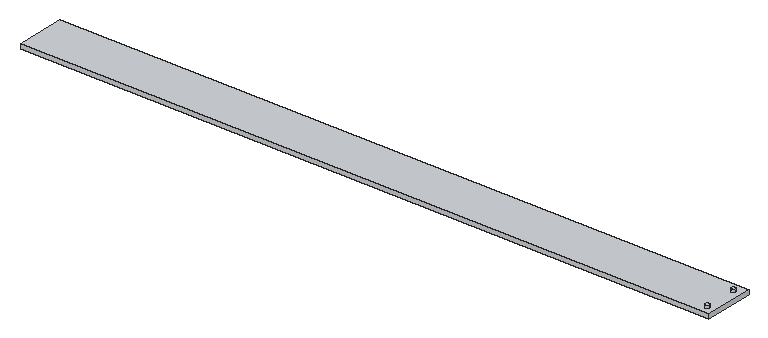
Revit family "JDRM - Radiant Ceiling Panel", category Mechanical Equipment, Revit 2019
Family settings
  Round Connector Dimension = Use Diameter
  Part Type = Normal
  Work Plane-Based = No
  Always vertical = Yes
  Cut with Voids When Loaded = No
  Shared = No
  Room Calculation Point = No
Parameters (values of type "1x14")
  width = 1' - 0"
  supply connection = 0' - 1"
  return connection = 0' - 1"
  length = 14' - 0"
  SIZE = ""
  RAD TUBE SIZE [instance] = ""
  RAD ROW # [instance] = 0' - 0"
  Mech_TempWaterAWT [instance] = 163249.652 °F
  Mech_LoadPerLnFT = 0.0 Btu/h
  Mech_ElementTubeSize = 1/2"
  Manufacturer = "AIRTEX"
  MODEL = ""
  MARK [instance] = ""
  HEATING GPM [instance] = ""
  Com_UnitType = "LINEAR EXTRUDED ALUMINUM"
  Com_UnitSize [instance] = ""
  Com_UnitModel [instance] = "HEF-2"
  Com_UnitManufacturer = "AIRTEX"
  Com_UnitComment [instance] = ""
  Com_NeedsVent = no
  Com_NeedsStarter = no
  Com_NeedsSmokeDet = no
  Com_NeedsPower = no
  Com_NeedsPlumbing = no
  Com_NeedsPiping = yes
  Com_NeedsInterlock = no
  Com_NeedsGas = no
  Com_NeedsDuct = no
  Com_NeedsDrain = no
  Com_NeedsDisconnect = no
  Com_NeedsData = no
  Com_NeedsCallout [instance] = no
  Com_MarkInstance [instance] = ""
  Com_Mark = "RP"
  COMMENTS [instance] = ""
  BTU/LN FT [instance] = ""
  AWT °F [instance] = ""
Types (14): name | width | length | SIZE | RAD TUBE SIZE | MODEL
  2x1 | 1' - 0" | 20' - 0" | "" | "" | ""
  1x16 | 1' - 0" | 16' - 0" | "" | "" | ""
  1x11 | 1' - 0" | 11' - 0" | "" | "" | ""
  1x23 | 1' - 0" | 23' - 3" | "12\" WIDE" | "" | "HEF-2"
  1x14 | 1' - 0" | 14' - 0" | "" | "" | ""
  8"X5' | 0' - 8" | 5' - 0" | "KP-50-2" | "1/2\"" | "KP"
  8"X22' | 0' - 8" | 22' - 0" | "8\"x22'" | "" | "HEF-2"
  8"X14' | 0' - 8" | 14' - 0" | "8\"x14'" | "" | "HEF-2"
  1x5 | 1' - 0" | 5' - 0" | "12\" WIDE" | "" | "HEF-2"
  1x24 | 1' - 0" | 24' - 0" | "" | "" | ""
  1x25 | 1' - 0" | 25' - 0" | "" | "" | ""
  1x9.8 | 1' - 0" | 9' - 8" | "12\" WIDE" | "" | "HEF-2"
  1x8.8 | 1' - 0" | 8' - 8" | "12\" WIDE" | "" | "HEF-2"
  1x12.8 | 1' - 0" | 12' - 9" | "12\" WIDE" | "" | "HEF-2"
Reference planes (in)
  plane 1 "Center (Front/Back)": y = 0
  plane 2: z = 0
  plane 3 "Center (Left/Right)": x = 0
  plane 4 "top": y = 6
  plane 5 "bottom": y = -6
  plane 6 "left": x = -84
  plane 7 "right": x = 84
Forms (in)
  Extrusion 1, solid
    sketch origin (0, 0, 0) x (1, 0, 0) y (0, 1, 0)
      loop
        line (-84, 6) -> (-84, -6) -> (84, -6) -> (84, 6) -> (-84, 6)
    from 0 to 1
  Extrusion 2, solid
    sketch origin (0, 0, 0) x (1, 0, 0) y (0, 1, 0)
      loop
        circle (82, 4) r 0.5
    from 1 to 1.5
  Extrusion 3, solid
    sketch origin (0, 0, 0) x (1, 0, 0) y (0, 1, 0)
      loop
        circle (82, -4) r 0.5
    from 1 to 1.5
Dimensions and locks (in)
  equal spacing: plane 6 "left", plane 3 "Center (Left/Right)", plane 7 "right"
  equal spacing: plane 5 "bottom", plane 1 "Center (Front/Back)", plane 4 "top"
  "length": plane 6 "left" to plane 7 "right"
  "width": plane 5 "bottom" to plane 4 "top"
  diameter of Extrusion 2 = 0' - 1"
  diameter of Extrusion 3 = 0' - 1"
  aligned and locked: plane 2 to level
  aligned and locked: Extrusion 1 sketch curve to plane 4 "top"
  aligned and locked: plane 6 "left" to Extrusion 1 sketch curve
  aligned and locked: Extrusion 1 sketch curve to plane 5 "bottom"
  aligned and locked: plane 7 "right" to Extrusion 1 sketch curve
Automatic sketch dimensions
  plane 7 "right" to Extrusion 2 sketch curve = 0' - 2"
  Extrusion 2 sketch curve to plane 4 "top" = 0' - 2"
  plane 7 "right" to Extrusion 3 sketch curve = 0' - 2"
  Extrusion 3 sketch curve to plane 5 "bottom" = 0' - 2"
  radius of Extrusion 2 sketch curve = 0' - 0 1/2"
  radius of Extrusion 3 sketch curve = 0' - 0 1/2"
Connectors (in)
  piping at (82, 4, 1.5), diameter 1
    settings: on Extrusion 2, index 1, connector inside diameter 24", connector length 0' - 0", flow factor 0, pipe flow 0 GPM, pressure drop 0.00 psi, fitting loss kfactor 0, connector angle 0.00°, fixture units 0, engagement length 0' - 0", angle of deflection 0.00°, flow configuration 0, flow direction 0, fitting loss method 0, system type 7, joint type 0, gender type 0, connector reference index -1, connector utility 0, adjustable connector no, is connector primary yes, connector description ""
  piping at (82, -4, 1.5), diameter 1
    settings: on Extrusion 3, index 2, connector inside diameter 24", connector length 0' - 0", flow factor 0, pipe flow 0 GPM, pressure drop 0.00 psi, fitting loss kfactor 0, connector angle 0.00°, fixture units 0, engagement length 0' - 0", angle of deflection 0.00°, flow configuration 0, flow direction 0, fitting loss method 0, system type 8, joint type 0, gender type 0, connector reference index -1, connector utility 0, adjustable connector no, is connector primary no, connector description ""
